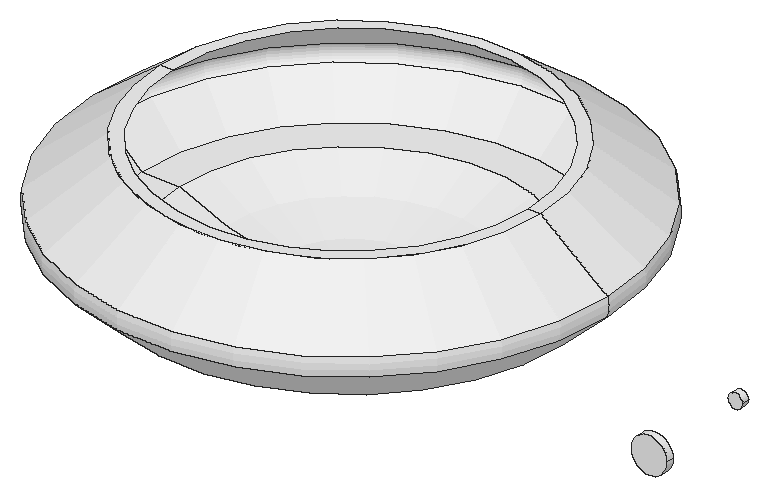
Revit family "Lavatory-Vessel_Contemporary_LT185_TOTO", category Plumbing Fixtures, host Face, Revit 2013
Parameters
  ecoScorecard_data = "http://toto.ecoscorecard.com/product/LT185"
  ecoScorecard Product Page = "http://toto.ecoscorecard.com/product/LT185"
  Waste Connection NPT Radius = 5/8"  # constant formula
  Waste Connection = yes
  Warranty URL = "http://www.totousa.com/warranty-registration"
  Warranty = "One Year Limited Warranty"  # constant formula
  WFU = 0
  Vent Connection = yes
  URL = "http://www.totousa.com"
  Toto BIM Number = "BM-00031"  # constant formula
  Subcategory = "Lavatories"  # constant formula
  Style = "Contemporary"  # constant formula
  Spec Sheet URL = "http://assets.totousa.com/product-files/SS-00432_LT185.pdf"
  Sink Type = "Lavatory"  # constant formula
  Sink Configuration = "Single Sink"  # constant formula
  Shipping Weight = 20.50 lbf
  Series = "Curva"  # constant formula
  SanoGloss Available = no
  Sanitary Connector = "Sanitary Connection"  # constant formula
  Product Page URL = " "
  Parts Manual URL = " "
  Mounting = "Vessel"  # constant formula
  Model = "LT185"  # constant formula
  Material = "Vitreous China"  # constant formula
  Manufacturer Toll Free Phone = "1-888-295-8134"  # constant formula
  Manufacturer Phone = "(770) 282-8686"  # constant formula
  Manufacturer Fax = "(770) 282-0002"  # constant formula
  Manufacturer Email = "mailto:custservice@totousa.com"
  Manufacturer Address = "1155 Southern Road, Morrow, Georgia 30260"  # constant formula
  Manufacturer = "TOTO USA, Inc."  # constant formula
  Installation URL = " "
  Industry Standards = "Meets and exceeds ASME A112.19.2/CSA B45.1"  # constant formula
  Hot Water Connector = "Hot Water Connection"  # constant formula
  Hot Water Connection Radius = 1/4"
  Hot Water Connection Diameter = Hot Water Connection Radius / 2  # 1/8"
  Height = 6 5/16"  # constant formula
  HWFU = 0
  HW Connection = yes
  Finish = Vitreous China - TOTO - 01 Cotton
  Diameter = 16 1/4"  # constant formula
  Description = "Vessel Lavatory"  # constant formula
  Default Elevation = 0"
  Cost Info = "mailto:custservice@totousa.com"
  Color Availability = "#01 Cotton, #12 Sedona Beige"  # constant formula
  Cold Water Connector = "Cold Water Connection"  # constant formula
  Cold Water Connection Radius = 1/4"
  Cold Water Connection Diameter = Cold Water Connection Radius / 2  # 1/8"
  Code Compliance = "UPC, IPC, NSPC, NPC Canada, and others"  # constant formula
  Certifications = "IAPMO(cUPC), State of Massachusetts , City of Los Angeles, and others"  # constant formula
  CWFU = 0
  CW Connection = yes
  CAD Drawing URL = "http://assets.totousa.com/product-files/AD-00297_LT185.dxf"
  Basin Diameter = 13"  # constant formula
  Assembly Code = "D2010310"
  ADA Compliant = no
  95 CSI = "15410"  # constant formula
  04 CSI = "22 42 16"  # constant formula
Types (2): name | ecoScorecard_data | ecoScorecard Product Page
  (no name) | "http://toto.ecoscorecard.com/product/LT185" | "http://toto.ecoscorecard.com/product/LT185"
  LT185 | " " | "  "
Reference planes (in)
  plane 1 "Center (Front/Back)": y = 0
  plane 2 "Bottom": z = 0
  plane 3 "Center (Left/Right)": x = 0
  plane 4 "Back": y = 8.125
  plane 5 "Front": y = -8.125
  plane 6 "Right": x = 8.125
  plane 7 "Left": x = -8.125
  plane 8: z = -2.5
  plane 9: z = 3.8125
Forms (in)
  Extrusion 1, void
    sketch origin (-18.4375, -180, 35.125) x (-1, 0, 0) y (0, -1, 0)
      loop
        circle (-18.4375, -180) r 6.62241
    from -35.125 to -37.625
Dimensions and locks (in)
  equal spacing: plane 7 "Left", plane 3 "Center (Left/Right)", plane 6 "Right"
  equal spacing: plane 4 "Back", plane 1 "Center (Front/Back)", plane 5 "Front"
  "Diameter": plane 4 "Back" to plane 5 "Front"
  "Diameter": plane 7 "Left" to plane 6 "Right"
  locked: host face to plane 8 at 2.5
  "Height": plane 9 to plane 8
  aligned and locked: plane 2 "Bottom" to host face
  aligned and locked: level to host face
  aligned and locked: plane 8 to Extrusion 1
  aligned and locked: host face to Extrusion 1
  aligned and locked: plane 3 "Center (Left/Right)" to nested 1
  aligned and locked: plane 1 "Center (Front/Back)" to nested 1
Automatic sketch dimensions
  host sketch curve to host sketch curve = 96"  (x2)
  plane 1 "Center (Front/Back)" to Extrusion 1 sketch curve = 0"
  Extrusion 1 sketch curve to plane 3 "Center (Left/Right)" = 0"
  radius of Extrusion 1 sketch curve = 6.62241"
Nested families (in)
  nested 1: "LT185" at (0, 0, 0), type "LT185"
Connectors (in)
  piping at (0, 13.25, -11.75), driven by "Waste Connection NPT Radius", driven by "Waste Connection", driven by "Waste Connection", driven by "Sanitary Connector"
    settings: on nested 1, index 1, connector radius 5/8", flow factor 0, pipe flow 0 GPM, pressure drop 0.00 psi, fitting loss kfactor 0, connector angle 0.00°, fixture units 0, engagement length 0", flow configuration 3, flow direction 2, fitting loss method 0, system type 16, joint type 0, gender type 0, connector reference index -1, connector utility 1, adjustable connector yes, is connector primary yes, fitting loss table "", connector description "Sanitary Connection"
  piping at (-3, 13.25, -9), driven by "Hot Water Connection Radius", driven by "HW Connection", driven by "HW Connection", driven by "Hot Water Connector"
    settings: on nested 1, index 2, connector radius 1/4", flow factor 0, pipe flow 0 GPM, pressure drop 0.00 psi, fitting loss kfactor 0, connector angle 0.00°, fixture units 0, engagement length 0", flow configuration 3, flow direction 1, fitting loss method 0, system type 19, joint type 0, gender type 0, connector reference index -1, connector utility 1, adjustable connector yes, is connector primary no, fitting loss table "", connector description "Hot Water Connection"
  piping at (3, 13.25, -9), driven by "Cold Water Connection Radius", driven by "CW Connection", driven by "CW Connection", driven by "Cold Water Connector"
    settings: on nested 1, index 3, connector radius 1/4", flow factor 0, pipe flow 0 GPM, pressure drop 0.00 psi, fitting loss kfactor 0, connector angle 0.00°, fixture units 0, engagement length 0", flow configuration 3, flow direction 1, fitting loss method 0, system type 20, joint type 0, gender type 0, connector reference index -1, connector utility 1, adjustable connector yes, is connector primary no, fitting loss table "", connector description "Cold Water Connection"
Definition of nested family "LT185"
  Parameters (values of type "LT185")
    Waste Connection = yes
    WFU = 0
    Vent Connection = yes
    URL = ""
    Radius = Diameter / 2  # 9"
    Model = ""
    Manufacturer = ""
    Hot Water Connection Diameter = 1/8"
    Height = 6 5/16"  # constant formula
    HWFU = 0
    HW Connection = yes
    Finish = Vitreous China - TOTO - 01 Cotton
    Diameter = 18"  # constant formula
    Description = ""
    Cold Water Connection Diameter = 1/8"
    CWFU = 0
    CW Connection = yes
    Basin Diameter = 13"  # constant formula
    Assembly Code = ""
  Reference planes (in)
    plane 1 "Center (Front/Back)": y = 0
    plane 2: z = 0
    plane 3 "Center (Left/Right)": x = 0
    plane 4: z = 3.8125
    plane 5: z = -2.5
    plane 6: x = -9
    plane 7: x = 9
    plane 8: y = -9
    plane 9: y = 9
    plane 10: x = -3
    plane 11: x = 3
  Dimensions and locks (in)
    equal spacing: plane 7, plane 3 "Center (Left/Right)", plane 6
    "Diameter": plane 7 to plane 6
    "Height": plane 4 to plane 5
    "Diameter": plane 9 to plane 8
    equal spacing: plane 9, plane 1 "Center (Front/Back)", plane 8
    "Radius": plane 3 "Center (Left/Right)" to plane 6
    equal spacing: plane 10, plane 3 "Center (Left/Right)", plane 11, locked at 3 each
    aligned and locked: plane 3 "Center (Left/Right)" to nested 1
    aligned and locked: plane 1 "Center (Front/Back)" to nested 1
  Nested families (in)
    nested 1: "LT185" at (0, 0, 0), type "LT185"
      with Hot Water Connection Radius 1/4", Distance From Wall 4", Cold Water Connection Radius 1/4"
  Definition of nested family "LT185"
    Parameters (values of type "LT185")
      Waste Outlet Radius = 5/8"
      Waste Connection = yes
      WFU = 0
      Vent Connection = yes
      URL = ""
      Shipping Weight = 20.50 lbf
      Nominal Radius = Diameter / 2  # 9"
      Model = ""
      Manufacturer = ""
      Lavatory Material = Vitreous China - TOTO - 01 Cotton
      Hot Water Connection Radius [instance] = 1/4"
      Height = 6 5/16"  # constant formula
      HWFU = 0
      HW Connection = yes
      Distance From Wall [instance] = 4"
      Diameter = 18"  # constant formula
      Description = ""
      Cold Water Connection Radius [instance] = 1/4"
      CWFU = 0
      CW Connection = yes
      Basin Radius = 6 1/2"
      Assembly Code = ""
    Reference planes (in)
      plane 1 "Center (Front/Back)": y = 0
      plane 2: z = 0
      plane 3 "Center (Left/Right)": x = 0
      plane 4: z = 3.8125
      plane 5: z = -2.5
      plane 6: x = -9
      plane 7: x = 9
      plane 8: y = -9
      plane 9: y = 9
      plane 10: z = -9
      plane 11: z = -11.75
      plane 12: x = -3
      plane 13: x = 3
      plane 14 "Wall Closure": y = 13
      plane 15: z = -30.1875
    Forms (in)
      Revolve 1, solid, material "Vitreous China - TOTO - 01 Cotton" <- "Lavatory Material", detail levels fine
        sketch origin (0, 0, 0) x (1, 0, 0) y (0, 0, 1)
          loop
            line (-6.18603, 3.8125) -> (-6.62642, 3.8125) -> (-8.9645, 2.05052)
            arc (-8.9645, 2.05052) -> (-9.00401, 1.74007) -> (-8.96451, 1.42962) r 1.23955
            line (-8.96451, 1.42962) -> (-7.39135, 0.00024) -> (-5.97197, 0.00024)
            arc (-5.97197, 0.00024) -> (-4.33279, -0.62426) -> (-2.62037, -1.00438) r 12.0612
            arc (-2.62037, -1.00438) -> (-1.85494, -1.14034) -> (-1.09908, -1.32213) r 12.905
            line (-1.09908, -1.32213) -> (-1.09908, -2.5) -> (-0.86614, -2.5) -> (-0.86614, -0.85796)
            arc (-0.86614, -0.85796) -> (-3.48258, -0.62109) -> (-5.96111, 0.25) r 10.63375
            line (-5.96111, 0.25) -> (-7.29448, 0.25) -> (-8.57547, 1.41391)
            arc (-8.57547, 1.41391) -> (-8.6889, 1.74327) -> (-8.52438, 2.05031) r 0.43516
            line (-8.52438, 2.05031) -> (-6.18603, 3.8125)
          axis (0, 3.8125) -> (0, -2.5)
        angle from 0 to 360
      Extrusion 2, solid, material "Vitreous China - TOTO - 01 Cotton" <- "Lavatory Material"
        sketch origin (0, 0, 0) x (1, 0, 0) y (0, 0, 1)
          loop
            circle (-3, -9) r 0.25
        from -13.25 to -13
      Extrusion 3, solid, material "Vitreous China - TOTO - 01 Cotton" <- "Lavatory Material"
        sketch origin (0, 0, 0) x (1, 0, 0) y (0, 0, 1)
          loop
            circle (3, -9) r 0.25
        from -13.25 to -13
      Extrusion 4, solid, material "Vitreous China - TOTO - 01 Cotton" <- "Lavatory Material"
        sketch origin (0, 0, 0) x (1, 0, 0) y (0, 0, 1)
          loop
            circle (0, -11.75) r 0.625
        from -13.25 to -13
      Revolve 5, solid, material "Vitreous China - TOTO - 01 Cotton" <- "Lavatory Material", detail levels medium
        sketch origin (0, 0, 0) x (1, 0, 0) y (0, 0, 1)
          loop
            line (-6.18202, 3.81651) -> (-6.62241, 3.81651) -> (-8.96049, 2.05453)
            arc (-8.96049, 2.05453) -> (-9, 1.74408) -> (-8.9605, 1.43363) r 1.23955
            line (-8.9605, 1.43363) -> (-7.38734, 0.00425) -> (-5.96796, 0.00425)
            arc (-5.96796, 0.00425) -> (-4.32878, -0.62024) -> (-2.61635, -1.00037) r 12.0612
            arc (-2.61635, -1.00037) -> (-1.85296, -1.1359) -> (-1.09908, -1.31702) r 12.905
            line (-1.09908, -1.31702) -> (-1.09908, -2.5) -> (0, -2.5) -> (0, -0.85993) -> (-1.21895, -0.85993)
            arc (-1.21895, -0.85993) -> (-3.65261, -0.5777) -> (-5.95709, 0.25401) r 10.63375
            line (-5.95709, 0.25401) -> (-7.29046, 0.25401) -> (-8.57145, 1.41793)
            arc (-8.57145, 1.41793) -> (-8.68489, 1.74728) -> (-8.52037, 2.05433) r 0.43516
            line (-8.52037, 2.05433) -> (-6.18202, 3.81651)
          axis (0, 3.81651) -> (0, -2.5)
        angle from 0 to 360
      Extrusion 6, solid, material "Vitreous China - TOTO - 01 Cotton" <- "Lavatory Material", detail levels coarse
        sketch origin (0, 0, 0) x (1, 0, 0) y (0, 1, 0)
          loop
            circle (0, 0) r 9
        from -2.5 to 3.8125
    Lines and regions (in)
      symbolic lines, detail levels medium+fine
        curve 1: arc (5.97197, 0, 0) -> (0, 5.97197, 0) -> (-5.97197, 0, 0) r 5.97197
        curve 2: arc (-5.97197, 0, 0) -> (0, -5.97197, 0) -> (5.97197, 0, 0) r 5.97197
        curve 7: arc (-6.62241, 0, 0) -> (0, 6.62241, 0) -> (6.62241, 0, 0) r 6.62241
        curve 8: arc (6.62241, 0, 0) -> (0, -6.62241, 0) -> (-6.62241, 0, 0) r 6.62241
        curve 9: arc (6.18202, 0, 0) -> (0, 6.18202, 0) -> (-6.18202, 0, 0) r 6.18202
        curve 10: arc (-6.18202, 0, 0) -> (0, -6.18202, 0) -> (6.18202, 0, 0) r 6.18202
        curve 11: arc (8.71049, 0, 0) -> (0, 8.71049, 0) -> (-8.71049, 0, 0) r 8.71049
        curve 12: arc (-8.71049, 0, 0) -> (0, -8.71049, 0) -> (8.71049, 0, 0) r 8.71049
        curve 16: line (-6.62241, 0, 3.8125) -> (-8.96451, 0, 2.0515)
        curve 17: line (-7.39577, 0, 0.00425) -> (-8.96451, 0, 1.42962)
        curve 18: arc (-8.96451, 0, 1.42962) -> (-9.00004, 0, 1.74056) -> (-8.96451, 0, 2.0515) r 1.37835
        curve 19: arc (-5.96796, 0, 0.00425) -> (-4.51086, 0, -0.56066) -> (-3, 0, -0.9601) r 14.0376
        curve 20: arc (-3, 0, -0.9601) -> (-2.04167, 0, -1.09979) -> (-1.09908, 0, -1.32213) r 11.14728
        curve 21: line (-1.09908, 0, -1.32213) -> (-1.09908, 0, -2.5)
        curve 22: line (-1.09908, 0, -1.32213) -> (1.08038, 0, -1.32213)
        curve 23: line (-8.96451, 0, 1.42962) -> (0, 0, 1.42962)
        curve 24: line (-8.96451, 0, 2.0515) -> (0.03549, 0, 2.0515)
        curve 25: line (-5.96796, 0, 0.00425) -> (-7.39577, 0, 0.00425)
        curve 26: line (6.60371, 0, 3.8125) -> (8.94581, 0, 2.0515)
        curve 27: line (7.37706, 0, 0.00425) -> (8.94581, 0, 1.42962)
        curve 28: arc (8.94581, 0, 1.42962) -> (8.98134, 0, 1.74056) -> (8.94581, 0, 2.0515) r 1.37835
        curve 29: arc (5.94925, 0, 0.00425) -> (4.49215, 0, -0.56066) -> (2.9813, 0, -0.9601) r 14.0376
        curve 30: arc (2.9813, 0, -0.9601) -> (2.02297, 0, -1.09979) -> (1.08038, 0, -1.32213) r 11.14728
        curve 31: line (1.08038, 0, -1.32213) -> (1.08038, 0, -2.5)
        curve 32: line (5.94925, 0, 0.00425) -> (7.37706, 0, 0.00425)
        curve 33: line (8.94581, 0, 1.42962) -> (0, 0, 1.42962)
        curve 34: line (8.94581, 0, 2.0515) -> (-0.05419, 0, 2.0515)
        curve 40: line (5.94925, 0, 0.00425) -> (-5.96796, 0, 0.00425)
        curve 45: line (0, 8.96451, 2.05051) -> (0, 6.62627, 3.8125)
        curve 46: line (0, 8.96451, 1.42962) -> (0, 7.38734, 0.00425)
        curve 47: arc (0, 8.96451, 1.42962) -> (0, 9, 1.74006) -> (0, 8.96451, 2.05051) r 1.37555
        curve 48: line (0, 7.38734, 0.00425) -> (0, 0, 0.00425)
        curve 49: line (0, 1.09908, -1.32213) -> (0, -1.09908, -1.32213)
        curve 50: line (0, 1.09908, -1.32213) -> (0, 1.09908, -2.5)
        curve 51: arc (0, 5.95334, 0.00425) -> (0, 4.74453, -0.49281) -> (0, 3.48595, -0.84534) r 11.17511
        curve 52: arc (0, 3.48595, -0.84534) -> (0, 2.28649, -1.05356) -> (0, 1.09908, -1.32213) r 24.0789
        curve 53: line (0, 8.96451, 1.42962) -> (0, -9, 1.42962)
        curve 54: line (0, 8.96451, 2.05051) -> (0, -9, 2.05051)
        curve 55: line (0, -8.96451, 2.05051) -> (0, -6.62627, 3.8125)
        curve 56: line (0, -8.96451, 1.42962) -> (0, -7.38734, 0.00425)
        curve 57: arc (0, -8.96451, 1.42962) -> (0, -9, 1.74006) -> (0, -8.96451, 2.05051) r 1.37555
        curve 58: line (0, -7.38734, 0.00425) -> (0, 0, 0.00425)
        curve 59: line (0, -1.09908, -1.32213) -> (0, -1.09908, -2.5)
        curve 60: arc (0, -5.95334, 0.00425) -> (0, -4.74453, -0.49281) -> (0, -3.48595, -0.84534) r 11.17511
        curve 61: arc (0, -3.48595, -0.84534) -> (0, -2.28649, -1.05356) -> (0, -1.09908, -1.32213) r 24.0789
      symbolic lines, detail levels fine
        curve 3: arc (1.09908, 0, 0) -> (0, -1.09908, 0) -> (-1.09908, 0, 0) r 1.09908
        curve 4: arc (0.86614, 0, 0) -> (0, -0.86614, 0) -> (-0.86614, 0, 0) r 0.86614
        curve 5: arc (-0.86614, 0, 0) -> (0, 0.86614, 0) -> (0.86614, 0, 0) r 0.86614
        curve 6: arc (-1.09908, 0, 0) -> (0, 1.09908, 0) -> (1.09908, 0, 0) r 1.09908
      symbolic lines, detail levels coarse
        curve 13: line (-9, 0, 3.8125) -> (-9, 0, -2.5)
        curve 14: line (8.9813, 0, 3.8125) -> (6.60371, 0, 3.8125)
        curve 15: line (8.9813, 0, -2.5) -> (1.08038, 0, -2.5)
        curve 35: line (8.9813, 0, 3.8125) -> (8.9813, 0, -2.5)
        curve 36: line (-6.62241, 0, 3.8125) -> (-9, 0, 3.8125)
        curve 39: line (-1.09908, 0, -2.5) -> (-9, 0, -2.5)
        curve 41: line (0, 9, -2.5) -> (0, 9, 3.8125)
        curve 42: line (0, -9, 3.8125) -> (0, -6.62627, 3.8125)
        curve 43: line (0, -9, -2.5) -> (0, -1.09908, -2.5)
        curve 44: line (0, -9, -2.5) -> (0, -9, 3.8125)
        curve 63: line (0, 6.62627, 3.8125) -> (0, 9, 3.8125)
        curve 65: line (0, 1.09908, -2.5) -> (0, 9, -2.5)
      symbolic lines
        curve 37: line (6.60371, 0, 3.8125) -> (-6.62241, 0, 3.8125)
        curve 38: line (1.08038, 0, -2.5) -> (-1.09908, 0, -2.5)
        curve 62: line (0, -6.62627, 3.8125) -> (0, 6.62627, 3.8125)
        curve 64: line (0, -1.09908, -2.5) -> (0, 1.09908, -2.5)
        curve 66: arc (9, 0, 0) -> (0, 9, 0) -> (-9, 0, 0) r 9
        curve 67: arc (-9, 0, 0) -> (0, -9, 0) -> (9, 0, 0) r 9
    Dimensions and locks (in)
      plane 3 "Center (Left/Right)" to Revolve 1 sketch curve = 6.18603"
      locked: Revolve 1 sketch curve to Revolve 1 sketch curve at 0.26504
      locked: Revolve 1 sketch curve to Revolve 1 sketch curve at 0.25  (x2)
      locked: Revolve 1 sketch curve to plane 6 at 0.47562
      locked: Revolve 1 sketch curve to plane 6 at 0.42453
      locked: Revolve 1 sketch curve to plane 2 at 0.25
      equal spacing: plane 7, plane 3 "Center (Left/Right)", plane 6
      "Diameter": plane 7 to plane 6
      "Height": plane 4 to plane 5
      "Diameter": plane 9 to plane 8
      equal spacing: plane 9, plane 1 "Center (Front/Back)", plane 8
      locked: Extrusion 2 to plane 14 "Wall Closure" at 0.25
      locked: plane 12 to Extrusion 2 sketch curve at 0
      locked: plane 10 to Extrusion 2 sketch curve at 0
      locked: plane 13 to Extrusion 3 sketch curve at 0
      locked: plane 10 to Extrusion 3 sketch curve at 0
      locked: plane 11 to Extrusion 4 sketch curve at 0
      locked: plane 3 "Center (Left/Right)" to Extrusion 4 sketch curve at 0
      "Nominal Radius": plane 3 "Center (Left/Right)" to plane 6
      "Distance From Wall": plane 14 "Wall Closure" to plane 9
      locked: plane 2 to plane 10 at 9
      locked: plane 2 to plane 11 at 11.75
      equal spacing: plane 12, plane 3 "Center (Left/Right)", plane 13, locked at 3 each
      locked: Revolve 1 sketch curve to plane 3 "Center (Left/Right)" at 0.86614
      locked: Revolve 1 sketch curve to plane 3 "Center (Left/Right)" at 1.09908
      locked: Revolve 1 sketch curve to plane 2 at 0.00024
      locked: Revolve 1 sketch curve to plane 6 at 0.03549
      locked: plane 4 to Revolve 1 sketch curve at 1.76198
      locked: Revolve 1 sketch curve to plane 6 at 0.0355
      locked: Revolve 5 sketch curve to Revolve 5 sketch curve at 0.26504
      locked: Revolve 5 sketch curve to Revolve 5 sketch curve at 0.25  (x2)
      "Hot Water Connection Radius": radius of Extrusion 2 sketch curve
      "Cold Water Connection Radius": radius of Extrusion 3 sketch curve
      "Waste Outlet Radius": radius of Extrusion 4 sketch curve
      aligned and locked: Extrusion 2 to plane 14 "Wall Closure"
      aligned and locked: Extrusion 3 to Extrusion 2
      aligned and locked: Extrusion 2 to Extrusion 3
      aligned and locked: Extrusion 4 to Extrusion 2
      aligned and locked: Extrusion 2 to Extrusion 4
      aligned and locked: curve 1 to Revolve 1
      aligned and locked: curve 2 to Revolve 1
      aligned and locked: curve 3 to Revolve 1
      aligned and locked: curve 4 to Revolve 1
      aligned and locked: curve 5 to Revolve 1
      aligned and locked: curve 6 to Revolve 1
      aligned and locked: plane 5 to Revolve 1
      aligned and locked: Revolve 1 sketch curve to plane 4
      aligned and locked: curve 7 to Revolve 5
      aligned and locked: curve 8 to Revolve 5
      aligned and locked: curve 9 to Revolve 5
      aligned and locked: curve 10 to Revolve 5
      aligned and locked: curve 13 to plane 6
      aligned and locked: curve 14 to plane 4
      aligned and locked: curve 15 to plane 5
      aligned and locked: plane 9 to curve 41
      aligned and locked: plane 4 to curve 42
      aligned and locked: plane 5 to curve 43
      aligned and locked: plane 8 to curve 44
      aligned and locked: curve 66 to Extrusion 6
      aligned and locked: curve 67 to Extrusion 6
      aligned and locked: Revolve 5 sketch curve to curve 21
      aligned and locked: Extrusion 6 to Revolve 5 sketch curve
    Automatic sketch dimensions
      curve 1 to curve 11 = 0"  (x2)
      curve 58 to plane 1 "Center (Front/Back)" = 0"
      plane 8 to curve 56 = 0.03549"
      plane 8 to curve 57 = 0.03549"
      plane 8 to curve 57 = 1.37554"
      level to curve 58 = 0.00425"
      plane 8 to curve 58 = 1.61266"
      plane 8 to curve 61 = 1.99679"
      curve 57 to curve 55 = 0.99819"
      curve 58 to curve 60 = 1.43399"
      curve 61 to level = 0.84534"
      curve 60 to curve 61 = 2.46739"
      plane 1 "Center (Front/Back)" to curve 60 = 1.10627"
      plane 1 "Center (Front/Back)" to curve 59 = 1.09908"
      curve 52 to plane 1 "Center (Front/Back)" = 1.09908"
      curve 51 to plane 1 "Center (Front/Back)" = 1.10627"
      curve 52 to level = 0.84534"
      curve 52 to curve 52 = 2.38687"
      curve 52 to curve 51 = 2.46739"
      curve 45 to curve 41 = 2.37373"
      curve 52 to plane 9 = 1.99679"
      curve 51 to curve 46 = 1.43399"
      curve 47 to plane 9 = 1.37554"
      curve 47 to plane 9 = 0.03549"
      curve 54 to plane 9 = 0.03549"
      curve 52 to plane 15 = 5.52153"
      level to curve 53 = 1.42962"
      curve 53 to curve 57 = 0"
      curve 46 to curve 47 = 0.31045"
      curve 56 to curve 57 = 0.31045"
      plane 12 to curve 20 = 0"
      curve 23 to plane 3 "Center (Left/Right)" = 0"
      plane 6 to curve 24 = 0.03549"
      plane 6 to curve 18 = 0.03549"
      plane 6 to curve 18 = 1.37831"
      level to curve 25 = 0.00425"
      plane 6 to curve 25 = 1.60423"
      curve 18 to curve 36 = 0.99928"
      curve 17 to curve 25 = 1.42781"
      plane 11 to curve 20 = 0.30023"
      plane 12 to curve 20 = 1.12722"
      curve 20 to plane 3 "Center (Left/Right)" = 1.09908"
      curve 19 to plane 3 "Center (Left/Right)" = 0.173"
      curve 34 to plane 3 "Center (Left/Right)" = 0.05419"
      plane 3 "Center (Left/Right)" to curve 24 = 0.03549"
      plane 3 "Center (Left/Right)" to curve 29 = 0.1543"
      plane 3 "Center (Left/Right)" to curve 22 = 1.08038"
      plane 13 to curve 30 = 0.0187"
      plane 11 to curve 30 = 0.30023"
      curve 30 to plane 13 = 1.10851"
      curve 29 to curve 32 = 2.96796"
      curve 26 to plane 7 = 2.39629"
      curve 29 to curve 32 = 1.42781"
      curve 28 to plane 7 = 1.39701"
      curve 33 to plane 7 = 0.05419"
      curve 28 to plane 7 = 0.05419"
      curve 14 to plane 7 = 0.0187"
      curve 21 to curve 22 = 1.17787"
      level to curve 27 = 1.42962"
      curve 28 to curve 28 = 0.31094"
      curve 17 to curve 18 = 0.31094"
      Revolve 1 sketch curve to plane 3 "Center (Left/Right)" = 0"
      Revolve 1 sketch curve to plane 5 = 0"
      Revolve 1 sketch curve to Revolve 1 sketch curve = 41/128"
      Revolve 1 sketch curve to Revolve 1 sketch curve = 0.49068"
      plane 6 to Revolve 1 sketch curve = 1.60865"
      Revolve 1 sketch curve to Revolve 1 sketch curve = 0.09687"
      Revolve 1 sketch curve to Revolve 1 sketch curve = 1.32251"
      plane 12 to Revolve 1 sketch curve = 1.49345"
      Revolve 1 sketch curve to level = 1.00438"
      Revolve 1 sketch curve to Revolve 1 sketch curve = 1.52128"
      Revolve 1 sketch curve to Revolve 1 sketch curve = 0"
      Revolve 1 sketch curve to plane 3 "Center (Left/Right)" = 1.22296"
      Revolve 1 sketch curve to plane 3 "Center (Left/Right)" = 0.86976"
      plane 5 to Revolve 1 sketch curve = 2 7/16"
      Revolve 1 sketch curve to Revolve 1 sketch curve = 0.46417"
      Revolve 1 sketch curve to plane 4 = 1 1/2"
      plane 1 "Center (Front/Back)" to Extrusion 6 sketch curve = 0"
      Extrusion 6 sketch curve to plane 3 "Center (Left/Right)" = 0"
      plane 6 to curve 11 = 0.28951"
      Revolve 5 sketch curve to plane 3 "Center (Left/Right)" = 0"
      Revolve 5 sketch curve to plane 5 = 0"
      Revolve 5 sketch curve to Revolve 5 sketch curve = 0.11987"
      Revolve 5 sketch curve to plane 12 = 0.38365"
      Revolve 5 sketch curve to Revolve 5 sketch curve = 0"
      plane 12 to Revolve 5 sketch curve = 1.48944"
      level to Revolve 5 sketch curve = 0.25401"
      level to Revolve 5 sketch curve = 0.00425"
      Revolve 5 sketch curve to plane 4 = 0.00401"
      plane 6 to Revolve 5 sketch curve = 2.81798"
      Revolve 5 sketch curve to Revolve 5 sketch curve = 0.44039"
      Revolve 5 sketch curve to Revolve 5 sketch curve = 1.33337"
      Revolve 5 sketch curve to Revolve 5 sketch curve = 0.09687"
      plane 6 to Revolve 5 sketch curve = 1.23955"
      Revolve 5 sketch curve to Revolve 5 sketch curve = 0.49068"
      Revolve 5 sketch curve to Revolve 5 sketch curve = 0.26925"
      plane 6 to Revolve 5 sketch curve = 0.42855"
      plane 6 to Revolve 5 sketch curve = 0.03951"
      plane 6 to Revolve 5 sketch curve = 0.0395"
      Revolve 5 sketch curve to plane 3 "Center (Left/Right)" = 0.86574"
      plane 3 "Center (Left/Right)" to Revolve 5 sketch curve = 0"
      Revolve 5 sketch curve to level = 0.85993"
      Revolve 5 sketch curve to plane 4 = 1.50401"
      Revolve 5 sketch curve to Revolve 5 sketch curve = 0.37311"
      Revolve 5 sketch curve to Revolve 5 sketch curve = 0.45709"
      radius of Extrusion 6 sketch curve = 9"
    Connectors (in)
      piping at (0, 13, -11.75), driven by "Waste Outlet Radius", driven by "Waste Connection", driven by "WFU"
        settings: on Extrusion 4, index 1, connector radius 5/8", flow factor 0, pipe flow 0 GPM, pressure drop 0.00 psi, fitting loss kfactor 0, connector angle 0.00°, fixture units 0, engagement length 0", flow configuration 3, flow direction 2, fitting loss method 0, system type 16, joint type 0, gender type 0, connector reference index -1, connector utility 0, adjustable connector yes, is connector primary yes, fitting loss table "", connector description "Waste Outlet Connection"
      piping at (3, 13, -9), driven by "Cold Water Connection Radius", driven by "CWFU"
        settings: on Extrusion 3, index 2, connector radius 1/4", flow factor 0, pipe flow 0 GPM, pressure drop 0.00 psi, fitting loss kfactor 0, connector angle 0.00°, fixture units 0, engagement length 0", flow configuration 3, flow direction 1, fitting loss method 4, system type 20, joint type 0, gender type 0, connector reference index -1, connector utility 0, adjustable connector no, is connector primary no, fitting loss table "", connector description "Cold Water Inlet Connection"
      piping at (-3, 13, -9), driven by "Hot Water Connection Radius", driven by "HWFU"
        settings: on Extrusion 2, index 3, connector radius 1/4", flow factor 0, pipe flow 0 GPM, pressure drop 0.00 psi, fitting loss kfactor 0, connector angle 0.00°, fixture units 0, engagement length 0", flow configuration 3, flow direction 1, fitting loss method 4, system type 19, joint type 0, gender type 0, connector reference index -1, connector utility 0, adjustable connector no, is connector primary no, fitting loss table "", connector description "Hot Water Inlet Connection"
